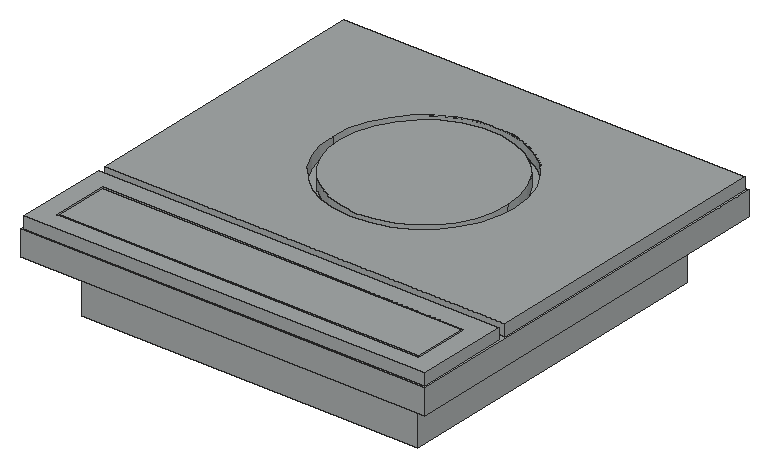
Revit family "Gira_5532902", category Electrical Fixtures, host Face, Revit 2017
Family settings
  Host = Face
  Maintain Annotation Orientation = Yes
  Round Connector Dimension = Use Diameter
  Part Type = Normal
  Cut with Voids When Loaded = No
  Shared = No
  Room Calculation Point = No
Parameters (values of type "Ruftastenmodul 2f System 106 Verkehrsweiß(lack.)")
  URL = "http://katalog.gira.de/de_DE/datenblatt.html?artikelnr=5532902"
  Region = "DE"
  Name = "Ruftastenmodul 2f System 106 Verkehrsweiß(lack.)"
  Model = "Sys106_Abdeckung_Schalten und Tasten"
  Manufacturer URL = "https://www.gira.de/"
  Installationstechnik = "Bus-System"
  Höhe = "0,1065 m"
  HeinzeBIM = "https://bimportal.heinze.de/bim/ruftastenmodul-2f-system-106-verkehrsweiss-lack-/46f5f03ae2e3831d1d5687d2ed8f1e116173cc9a"
  HAN = "5532902"
  GTIN = "4010337022572"
  Farbe = "weiß"
  Edelstahl [instance] = Edelstahl
  Default Elevation = 1219.2 mm
  Data sheet (1) = "https://katalog.gira.de/de_DE/download.html?artikelnr=5532902"
  Category = "Funktionsmodul für Türkommunikation"
  Breite = "0,1065 m"
  Available = "Yes"
  Anzahl der Klingeltasten = "2 "
Reference planes
  plane 1 "Center (Front/Back)": y = 0
  plane 2 "Reference Level 0": z = 0
  plane 3 "Center (Left/Right)": x = 0
  plane 4 "Reference Level 1": z = 9.5
Forms (mm)
  Extrusion 1, solid, material "Edelstahl" <- "Edelstahl", detail levels coarse
    sketch origin (0, 0, 0) x (1, 0, 0) y (0, 1, 0)
      loop
        line (-53, 53) -> (-53, -53) -> (53, -53) -> (53, 53) -> (-53, 53)
    from -14.7 to 9.5
  Extrusion 2, solid, material "Edelstahl" <- "Edelstahl", detail levels fine
    sketch origin (0, 0, 0) x (1, 0, 0) y (0, 1, 0)
      loop
        line (52.5, -28) -> (-52.5, -28) -> (-52.5, -52.5) -> (52.5, -52.5) -> (52.5, -28)
      loop
        line (-47.5, -48) -> (47.5, -48) -> (47.5, -33) -> (-47.5, -33) -> (-47.5, -48)
    from 6.5 to 9.5
  Extrusion 3, solid, material "Edelstahl" <- "Edelstahl", detail levels fine
    sketch origin (0, 0, 0) x (1, 0, 0) y (0, 1, 0)
      loop
        line (-52.5, 52.5) -> (-52.5, -26) -> (52.5, -26) -> (52.5, 52.5) -> (-52.5, 52.5)
      loop
        circle (0, 13) r 24
    from 6.5 to 9.5
  Extrusion 4, solid, material "Edelstahl" <- "Edelstahl", detail levels medium+fine
    sketch origin (0, 0, 0) x (1, 0, 0) y (0, 1, 0)
      loop
        line (-53, 53) -> (-53, -53) -> (53, -53) -> (53, 53) -> (-53, 53)
    from 0 to 6.5
  Extrusion 5, solid, material "Edelstahl" <- "Edelstahl", detail levels fine
    sketch origin (0, 0, 0) x (1, 0, 0) y (0, 1, 0)
      loop
        line (-44, 44) -> (-44, -44) -> (44, -44) -> (44, 44) -> (-44, 44)
    from -14.7 to 0
  Extrusion 6, solid, material "Edelstahl" <- "Edelstahl", detail levels fine
    sketch origin (0, 0, 0) x (1, 0, 0) y (0, 1, 0)
      loop
        circle (0, 13) r 22
    from 6.5 to 9.5
  Extrusion 7, solid, material "Edelstahl" <- "Edelstahl", detail levels fine
    sketch origin (0, 0, 0) x (1, 0, 0) y (0, 1, 0)
      loop
        line (-47, -33.5) -> (-47, -47.5) -> (47, -47.5) -> (47, -33.5) -> (-47, -33.5)
    from 6.5 to 9.5
  Extrusion 8, solid, material "Edelstahl" <- "Edelstahl", detail levels medium
    sketch origin (0, 0, 0) x (1, 0, 0) y (0, 1, 0)
      loop
        line (-52.5, 52.5) -> (-52.5, -26) -> (52.5, -26) -> (52.5, 52.5) -> (-52.5, 52.5)
      loop
        line (-52.5, -28) -> (-52.5, -52.5) -> (52.5, -52.5) -> (52.5, -28) -> (-52.5, -28)
    from 6.5 to 9.5
  Extrusion 9, solid, material "Edelstahl" <- "Edelstahl", detail levels medium
    sketch origin (0, 0, 0) x (1, 0, 0) y (0, 1, 0)
      loop
        circle (0, 13) r 24
      loop
        line (-47.5, -33) -> (-47.5, -48) -> (47.5, -48) -> (47.5, -33) -> (-47.5, -33)
    from 6.5 to 9.5
Dimensions and locks
  aligned and locked: plane 2 "Reference Level 0" to host face
  aligned and locked: level to host face
  aligned and locked: Extrusion 4 to host face
  aligned and locked: Extrusion 4 to level
  aligned and locked: level to Extrusion 5
  aligned and locked: level to Extrusion 4
  aligned and locked: Extrusion 4 to plane 2 "Reference Level 0"
  aligned and locked: plane 2 "Reference Level 0" to Extrusion 5
  aligned and locked: plane 3 "Center (Left/Right)" to nested 1
  aligned and locked: plane 1 "Center (Front/Back)" to nested 1
Nested families
  nested 1: "Schalter" at (0, 0, 0), type "Schalter"
Connectors
  electrical at (0, 0, -14.7)
    settings: on Extrusion 5, index 1, voltage 220 V, apparent load 0 VA, apparent load phase1 0 VA, apparent load phase2 0 VA, apparent load phase3 0 VA, power factor 1, load classification "Other", number of poles 1, system type 30, power factor state 1, is connector primary yes, connector utility no, sub classification motor no, connector description ""
Definition of nested family "Schalter"
  Reference planes
    plane 1: y = 0
    plane 2: x = 0
  Lines and regions (mm)
    detail lines
      curve 1: circle (1.375, 2.778, 0) r 0.8 normal (0, 0, 1)
      curve 2: line (1.021, 2.061, 0) -> (0, 0, 0)
      curve 3: line (0, 0, 0) -> (-0.538, 0.266, 0)
  Dimensions and locks
    curve 2 to curve 2 = 2.3 mm
    curve 3 to curve 2 = 0.6 mm
    radius of curve 1 = 0.8 mm
